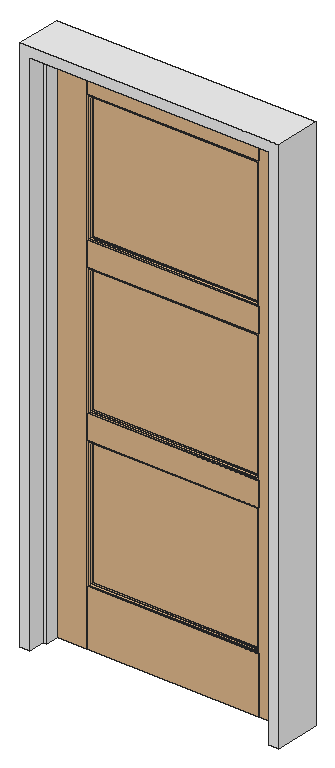
Revit family
Parameters (values of type "1 3/4" Flat Panel")
  URL = "http://www.karonadoor.com"
  Thickness Note = "Do not edit thickness."  # constant formula
  Thickness = 1.774"
  Swing Angle 2D = 90.00°
  SmartBIM Object Version = 1  # constant formula
  SmartBIM Object Created By = "Reed Construction Data"  # constant formula
  Rough Width = 0.000"
  Rough Height = 1.750"
  Panel = Panel_K5300_Karona : 1 3/4" - Flat Panel
  Model = "K5300 Ogee"  # constant formula
  Manufacturer = "Karona , Inc."  # constant formula
  Detail Door Thickness = 1.750"
  Assembly Code = ""
  Top Rail Height = 5.000"
  Top Rail = Wood, Cherry - Grain Horizontal
  Stile Width = 5.063"
  Stile = Wood, Cherry - Grain Vertical
  Sticking = Wood, Cherry - Grain Vertical
  Middle Rail = Wood, Cherry - Grain Horizontal
  Height = 80.000"
  Wall Closure = (empty or 0)
  Width = 36.000"
  Frame = Metal
  Bottom Rail Height = 8.500"
  Bottom Rail = Wood, Cherry - Grain Horizontal
  95 CSI = "08210"  # constant formula
  04 CSI = "08 14 33"  # constant formula
Types (9): name | Thickness | Rough Height | Panel | Detail Door Thickness
  1 3/4" Flat Panel | 1.774" | 1.750" | Panel_K5300_Karona : 1 3/4" - Flat Panel | 1.750"
  1 3/8" Flat Panel | 1.334" | 0.000" | Panel_K5300_Karona : 1 3/8" - Flat Panel | 1.375"
  2 1/4" Flat Panel | 2.250" | 0.000" | Panel_K5300_Karona : 2 1/4" - Flat Panel | 2.250"
  1 3/4" Glass Panel | 1.774" | 1.750" | Panel_K5300_Karona : 1 3/4" - Glass Panel | 1.750"
  1 3/8" Glass Panel | 1.334" | 0.000" | Panel_K5300_Karona : 1 3/8" - Glass Panel | 1.375"
  2 1/4" Glass Panel | 2.250" | 0.000" | Panel_K5300_Karona : 2 1/4" - Glass Panel | 2.250"
  1 3/4" Raised Panel | 1.774" | 1.750" | Panel_K5300_Karona : 1 3/4" - Raised Panel | 1.750"
  1 3/8" Raised Panel | 1.334" | 0.000" | Panel_K5300_Karona : 1 3/8" - Raised Panel | 1.375"
  2 1/4" Raised Panel | 2.250" | 0.000" | Panel_K5300_Karona : 2 1/4" - Raised Panel | 2.250"
Reference planes (in)
  plane 1 "Center (Front/Back)": y = 0
  plane 2 "Center (Left/Right)": x = 0
  plane 3 "Left": x = -18
  plane 4 "Right": x = 18
  plane 5 "Top": z = 80
  plane 6 "Exterior Edge of Frame": y = 3.5
  plane 7 "Interior Edge of Frame": y = -3.5
  plane 8: y = 1
  plane 9: y = -1
  plane 10 "Opening Left": x = -19.5
  plane 11 "Opening Right": x = 19.5
  plane 12 "Top of Opening": z = 81.5
  plane 13: x = -17.5
Forms (in)
  Sweep 1, solid, material "Metal" <- "Frame"
    path origin (0, 0, 0) x (1, 0, 0) y (0, 0, 1)
      loop
        line (-19.5, 0) -> (-19.5, 81.5) -> (19.5, 81.5) -> (19.5, 0)
    profile origin (-19.5, 0, 40.75) x (-1, 0, 0) y (0, -1, 0)
      loop
        line (0, -3.5) -> (0, 3.5) -> (-1.5, 3.5) -> (-1.5, 1) -> (-2, 1) -> (-2, -1) -> (-1.5, -1) -> (-1.5, -3.5) -> (0, -3.5)
Lines and regions (in)
  Opening 1
    outline origin (-90, -3, 0) x (1, 0, 0) y (0, 0, 1)
      loop
        line (70.5, 0) -> (109.5, 0) -> (109.5, 81.5) -> (70.5, 81.5) -> (70.5, 0)
  symbolic lines, style "Elevation Swing"
    curve 1: line (18, 3, 0) -> (-18, 3, 40)
    curve 2: line (-18, 3, 40) -> (18, 3, 80)
Text (in)
  text "Exterior" at (-46.13199, 20.20143, 0), in view "Ref. Level"
  text "Interior" at (-46.13199, -10.56751, 0), in view "Ref. Level"
  text "Exterior" at (0, 40.15149, 123.01588), in view "Right"
  text "Interior" at (0, -64.39139, 123.01588), in view "Right"
  text "Interior" at (0, -31.01599, 123.00693), in view "Left"
  text "Exterior" at (0, 54.57065, 123.00693), in view "Left"
Dimensions and locks (in)
  "Height": level to plane 5 "Top"
  "Width": plane 3 "Left" to plane 4 "Right"
  equal spacing: host wall, curve 2, plane 5 "Top"
  locked: host wall to plane 7 "Interior Edge of Frame" at 0.5
  locked: plane 6 "Exterior Edge of Frame" to host wall at 0.5
  locked: plane 9 to plane 7 "Interior Edge of Frame" at 2.5
  locked: plane 6 "Exterior Edge of Frame" to plane 8 at 2.5
  equal spacing: plane 3 "Left", plane 2 "Center (Left/Right)", plane 4 "Right"
  locked: plane 4 "Right" to plane 11 "Opening Right" at 1.5
  locked: plane 5 "Top" to plane 12 "Top of Opening" at 1.5
  locked: plane 3 "Left" to plane 13 at 0.5
  locked: plane 10 "Opening Left" to plane 3 "Left" at 1.5
  aligned and locked: Opening 1 sketch curve to level
  aligned and locked: plane 4 "Right" to curve 1
  aligned and locked: plane 3 "Left" to curve 1
  aligned and locked: plane 5 "Top" to curve 2
  aligned and locked: Opening 1 sketch curve to plane 11 "Opening Right"
  aligned and locked: plane 12 "Top of Opening" to Opening 1 sketch curve
  aligned and locked: Opening 1 sketch curve to plane 10 "Opening Left"
  aligned and locked: plane 10 "Opening Left" to Sweep 1 sketch curve
  aligned and locked: plane 12 "Top of Opening" to Sweep 1 sketch curve
  aligned and locked: plane 11 "Opening Right" to Sweep 1 sketch curve
  aligned and locked: level to Sweep 1 sketch curve  (x2)
  aligned and locked: Sweep 1 sketch curve to plane 10 "Opening Left"
  aligned and locked: Sweep 1 sketch curve to plane 6 "Exterior Edge of Frame"
  aligned and locked: Sweep 1 sketch curve to plane 7 "Interior Edge of Frame"
  aligned and locked: Sweep 1 sketch curve to plane 8
  aligned and locked: Sweep 1 sketch curve to plane 9
  aligned and locked: plane 13 to Sweep 1 sketch curve
  aligned and locked: plane 3 "Left" to Sweep 1 sketch curve  (x2)
  aligned and locked: nested 1 to plane 2 "Center (Left/Right)"
  aligned and locked: nested 1 to plane 8
  aligned and locked: nested 2 to plane 3 "Left"
  aligned and locked: nested 2 to plane 8
Automatic sketch dimensions
  curve 1 to level = 0.000"
  curve 2 to plane 4 "Right" = 0.000"
Nested families (in)
  nested 1: "Panel_K5300_Karona" at (-13.5, 0.6575, 0) x (-1, 0, 0) z (0, 0, 1), type <- "Panel", type "1 3/4" - Flat Panel"
    with Stile Width 5.063", Panel Width 25.874"
  nested 2: "Door Panel Plan View" at (-31.5, 1, 0) x (-1, 0, 0) z (0, 0, 1), type "Door Panel Plan View"
    with Thickness 1.750", Height 80.000"
Definition of nested family "Panel_K5300_Karona"
  Parameters (values of type "1 3/4" - Raised Panel")
    Width = 36.000"
    Top Rail Material = Wood, Cherry - Grain Horizontal
    Top Rail Height = 10.000"
    Top Panel Offset = 16.542"
    Thickness Note = "Do not change door thickness"  # constant formula
    Thickness = 1.774"
    Stile Width = 8.000"
    Stile Material = Wood, Cherry - Grain Vertical
    Sticking Material = Wood, Cherry - Grain Vertical
    Panel Width = Width - (2 * Stile Width)  # 20.000"
    Panel Height = (Height - (Bottom Rail Height + Top Rail Height) - (2 * 3.625")) / 3  # 17.58333"
    Panel = Glass-Sticking-Assembly-Ogee_Karona : Raised Panel
    Mullion Width = 3.625"  # constant formula
    Interior Panel = Wood, Cherry - Grain Vertical
    Height = 80.000"
    Exterior Edge - Glass Bottom Offset = if(Thickness = 1.774", 0.567", if(Thickness = 2.250", 0.803", 0.469"))  # 0.567"
    Door Panel Material = Wood, Cherry - Grain Vertical
    Default Elevation = 0.000"  # constant formula
    Bottom Rail Material = Wood, Cherry - Grain Horizontal
    Bottom Rail Height = 10.000"
    Assembly Code = ""
  Types (9): name | Top Rail Height | Top Panel Offset | Thickness | Stile Width | Panel Width | Panel Height | Panel | Interior Panel | Exterior Edge - Glass Bottom Offset | Bottom Rail Height
    2 1/4" - Flat Panel | 5.000" | 14.875" | 2.250" | 5.250" | 25.500" | 19.750" | Glass-Sticking-Assembly-Ogee_Karona : Flat Panel | Wood, Cherry - Grain Vertical | 0.803" | 8.500"
    2 1/4" - Glass Panel | 5.000" | 14.875" | 2.250" | 5.250" | 25.500" | 19.750" | Glass-Sticking-Assembly-Ogee_Karona : Glass Panel | Glass | 0.803" | 8.500"
    2 1/4" - Raised Panel | 5.000" | 14.875" | 2.250" | 5.250" | 25.500" | 19.750" | Glass-Sticking-Assembly-Ogee_Karona : Raised Panel | Wood, Cherry - Grain Vertical | 0.803" | 8.500"
    1 3/4" - Raised Panel | 10.000" | 16.542" | 1.774" | 8.000" | 20.000" | 17.58333" | Glass-Sticking-Assembly-Ogee_Karona : Raised Panel | Wood, Cherry - Grain Vertical | 0.567" | 10.000"
    1 3/4" - Flat Panel | 5.000" | 14.875" | 1.774" | 5.250" | 25.500" | 19.750" | Glass-Sticking-Assembly-Ogee_Karona : Flat Panel | Wood, Cherry - Grain Vertical | 0.567" | 8.500"
    1 3/4" - Glass Panel | 5.000" | 14.875" | 1.774" | 5.250" | 25.500" | 19.750" | Glass-Sticking-Assembly-Ogee_Karona : Glass Panel | Glass | 0.567" | 8.500"
    1 3/8" - Raised Panel | 5.000" | 14.875" | 1.334" | 5.250" | 25.500" | 19.750" | Glass-Sticking-Assembly-Ogee_Karona : Raised Panel | Wood, Cherry - Grain Vertical | 0.469" | 8.500"
    1 3/8" - Glass Panel | 5.000" | 14.875" | 1.334" | 5.250" | 25.500" | 19.750" | Glass-Sticking-Assembly-Ogee_Karona : Glass Panel | Glass | 0.469" | 8.500"
    1 3/8" - Flat Panel | 5.000" | 14.875" | 1.334" | 5.250" | 25.500" | 19.750" | Glass-Sticking-Assembly-Ogee_Karona : Flat Panel | Wood, Cherry - Grain Horizontal | 0.469" | 8.500"
  Reference planes (in)
    plane 1 "Center (Front/Back)": y = 1.2295
    plane 2: z = 0
    plane 3 "Center (Left/Right)": x = -13.5
    plane 4 "Left": x = -31.5
    plane 5: x = 4.5
    plane 6 "Inner Left": x = -23.5
    plane 7 "Inner Right": x = -3.5
    plane 8 "Bottom Of Top Rail": z = 70
    plane 9 "Top": z = 80
    plane 10 "Interior Edge of Door": y = 2.1165
    plane 11: z = 70
    plane 12 "Exterior Edge of Door": y = 0.3425
    plane 13 "Bottom of Glass": y = 0.9095
    plane 14 "Left Panel Vertical Midline": x = -13.5
    plane 15: z = 52.41667
    plane 16: z = 48.79167
    plane 17: z = 31.20833
    plane 18: z = 27.58333
    plane 19: z = 10
    plane 20: z = 40
    plane 21: z = 61.20833
    plane 22: z = 18.79167
  Forms (in)
    Extrusion 1, solid, material "Wood, Cherry - Grain Horizontal" <- "Bottom Rail Material"
      sketch origin (0, -101.3125, 0) x (1, 0, 0) y (0, 0, 1)
        loop
          line (-23.5, 0) -> (-3.5, 0) -> (-3.5, 10) -> (-23.5, 10) -> (-23.5, 0)
      from -103.429 to -101.655
    Extrusion 2, solid, material "Wood, Cherry - Grain Vertical" <- "Stile Material"
      sketch origin (0, 1.2295, 0) x (1, 0, 0) y (0, 0, 1)
        loop
          line (-31.5, 80) -> (-31.5, 0) -> (-23.5, 0) -> (-23.5, 80) -> (-31.5, 80)
        loop
          line (-3.5, 0) -> (4.5, 0) -> (4.5, 80) -> (-3.5, 80) -> (-3.5, 0)
      from -0.887 to 0.887
    Extrusion 3, solid, material "Wood, Cherry - Grain Horizontal" <- "Top Rail Material"
      sketch origin (0, 1.2295, 0) x (1, 0, 0) y (0, 0, 1)
        loop
          line (-23.5, 80) -> (-23.5, 70) -> (-3.5, 70) -> (-3.5, 80) -> (-23.5, 80)
      from -0.887 to 0.887
    Extrusion 4, solid, material "Wood, Cherry - Grain Horizontal" <- "Bottom Rail Material"
      sketch origin (0, 1.2295, 0) x (1, 0, 0) y (0, 0, 1)
        loop
          line (-23.5, 52.41667) -> (-23.5, 48.79167) -> (-3.5, 48.79167) -> (-3.5, 52.41667) -> (-23.5, 52.41667)
        loop
          line (-23.5, 31.20833) -> (-23.5, 27.58333) -> (-3.5, 27.58333) -> (-3.5, 31.20833) -> (-23.5, 31.20833)
      from -0.887 to 0.887
  Text (in)
    text "EXTERIOR" at (-34.59289, -1.27941, 0), in view "Ref. Level"
    text "EXTERIOR" at (0, -9.65287, 72.76687), in view "Left"
    text "EXTERIOR" at (0, -33.33473, 96.68074), in view "Right"
  Dimensions and locks (in)
    equal spacing: plane 4 "Left", plane 3 "Center (Left/Right)", plane 5
    "Width": plane 4 "Left" to plane 5
    "Stile Width": plane 4 "Left" to plane 6 "Inner Left"
    "Stile Width": plane 5 to plane 7 "Inner Right"
    "Top Rail Height": plane 9 "Top" to plane 8 "Bottom Of Top Rail"
    "Height": plane 9 "Top" to plane 2
    equal spacing: plane 10 "Interior Edge of Door", plane 1 "Center (Front/Back)", plane 12 "Exterior Edge of Door"
    "Thickness": plane 10 "Interior Edge of Door" to plane 12 "Exterior Edge of Door"
    "Exterior Edge - Glass Bottom Offset": plane 13 "Bottom of Glass" to plane 12 "Exterior Edge of Door"
    "Exterior Edge - Glass Bottom Offset": plane 12 "Exterior Edge of Door" to plane 13 "Bottom of Glass"
    "Mullion Width": plane 15 to plane 16
    "Mullion Width": plane 17 to plane 18
    "Bottom Rail Height": plane 19 to level
    "Panel Height": plane 11 to plane 15
    equal spacing: plane 11, plane 21, plane 15
    equal spacing: plane 16, plane 20, plane 17
    equal spacing: plane 18, plane 22, plane 19
    "Panel Height": plane 18 to plane 19
    aligned and locked: Extrusion 1 to plane 2
    aligned and locked: plane 10 "Interior Edge of Door" to Extrusion 1
    aligned and locked: plane 4 "Left" to Extrusion 2 sketch curve
    aligned and locked: Extrusion 2 sketch curve to plane 9 "Top"
    aligned and locked: Extrusion 2 sketch curve to Extrusion 1  (x3)
    aligned and locked: Extrusion 1 to Extrusion 2 sketch curve
    aligned and locked: plane 9 "Top" to Extrusion 2 sketch curve
    aligned and locked: plane 5 to Extrusion 2 sketch curve
    aligned and locked: plane 10 "Interior Edge of Door" to Extrusion 2
    aligned and locked: Extrusion 2 to Extrusion 3 sketch curve
    aligned and locked: Extrusion 3 sketch curve to Extrusion 2
    aligned and locked: plane 10 "Interior Edge of Door" to Extrusion 3
    aligned and locked: plane 11 to plane 8 "Bottom Of Top Rail"
    aligned and locked: level to plane 2
    aligned and locked: Extrusion 3 to plane 12 "Exterior Edge of Door"
    aligned and locked: Extrusion 3 to plane 10 "Interior Edge of Door"
    aligned and locked: Extrusion 2 to plane 12 "Exterior Edge of Door"
    aligned and locked: Extrusion 3 to plane 11
    aligned and locked: Extrusion 1 to Extrusion 2
    aligned and locked: nested 1 to plane 1 "Center (Front/Back)"
    aligned and locked: nested 1 to plane 14 "Left Panel Vertical Midline"
    aligned and locked: plane 14 "Left Panel Vertical Midline" to nested 2
    aligned and locked: plane 14 "Left Panel Vertical Midline" to nested 3
    aligned and locked: Extrusion 4 sketch curve to plane 15
    aligned and locked: Extrusion 4 sketch curve to plane 16
    aligned and locked: Extrusion 4 sketch curve to plane 6 "Inner Left"
    aligned and locked: Extrusion 4 sketch curve to plane 7 "Inner Right"  (x2)
    aligned and locked: plane 10 "Interior Edge of Door" to Extrusion 4
    aligned and locked: Extrusion 4 to plane 12 "Exterior Edge of Door"
    aligned and locked: plane 21 to nested 2
    aligned and locked: plane 20 to nested 3
    aligned and locked: Extrusion 4 sketch curve to plane 17
    aligned and locked: plane 18 to Extrusion 4 sketch curve
    aligned and locked: plane 6 "Inner Left" to Extrusion 4 sketch curve
    aligned and locked: plane 22 to nested 1
    aligned and locked: plane 19 to Extrusion 1
  Automatic sketch dimensions
    Extrusion 1 sketch curve to plane 6 "Inner Left" = 0.000"
    Extrusion 1 sketch curve to plane 7 "Inner Right" = 0.000"
    Extrusion 1 sketch curve to level = 0.000"
    Extrusion 3 sketch curve to plane 7 "Inner Right" = 0.000"
    plane 8 "Bottom Of Top Rail" to Extrusion 3 sketch curve = 0.000"
    level to Extrusion 1 sketch curve = 10.000"
  Nested families (in)
    nested 1: "Glass-Sticking-Assembly-Ogee_Karona" at (-13.96875, 1.38, 10), Width <- "Panel Width", Height <- "Panel Height", type <- "Panel", type "Raised Panel"
      with Width 20.000", Height 17.58333", Door Thickness 1.774", C 0.131", B 0.567", A 0.128"
    nested 2: "Glass-Sticking-Assembly-Ogee_Karona" at (-13.96875, 1.382, 52.41667), Width <- "Panel Width", Height <- "Panel Height", type <- "Panel", type "Raised Panel"
      with Width 20.000", Height 17.58333", Door Thickness 1.774", C 0.131", B 0.567", A 0.128"
    nested 3: "Glass-Sticking-Assembly-Ogee_Karona" at (-13.96875, 1.3804, 31.20833), Width <- "Panel Width", Height <- "Panel Height", type <- "Panel", type "Raised Panel"
      with Width 20.000", Height 17.58333", Door Thickness 1.774", C 0.131", B 0.567", A 0.128"
  Definition of nested family "Glass-Sticking-Assembly-Ogee_Karona"
    Parameters (values of type "Glass Panel")
      Width [instance] = 5.000"
      Vertical Profile Offset = if(Glass Panel, 0.490", 0.100")  # 0.490"
      Stop Adjustment = if(and(not(Glass Panel), Door Thickness = 1.774"), 0.513", if(and(not(Glass Panel), Door Thickness = 2.250"), 0.513", if((Glass Panel), 0.125", 0.273")))  # 0.125"
      Profile = Wood, Cherry - Grain Vertical
      Height [instance] = 23.000"
      Raised Panel = no
      Interior Panel = Glass
      Glass Panel = yes
      Door Thickness = 1.334"
      C = if(Door Thickness = 1.774", 0.131", if(Door Thickness = 2.250", 0.370", 0.093"))  # 0.093"
      B = if(Door Thickness = 1.774", 0.567", if(Door Thickness = 2.250", 0.803", 0.469"))  # 0.469"
      Assembly Code = ""
      A = if(Door Thickness = 1.774", 0.128", if(Door Thickness = 2.250", 0.364", 0.095"))  # 0.095"
    Types (3): name | Width | Vertical Profile Offset | Stop Adjustment | Raised Panel | Interior Panel | Glass Panel | Door Thickness | C | B | A
      Glass Panel | 5.000" | 0.490" | 0.125" | no | Glass | yes | 1.334" | 0.093" | 0.469" | 0.095"
      Flat Panel | 4.500" | 0.100" | 0.513" | no | Wood, Cherry - Grain Vertical | no | 2.250" | 0.370" | 0.803" | 0.364"
      Raised Panel | 4.000" | 0.100" | 0.513" | yes | Wood, Cherry - Grain Vertical | no | 2.250" | 0.370" | 0.803" | 0.364"
    Reference planes (in)
      plane 1 "Stop Adjustment Edge": y = -0.3455
      plane 2: z = 0
      plane 3 "Center (Left/Right)": x = 0.46875
      plane 4 "Back": y = 0.3945
      plane 5 "Front": y = -0.9395
      plane 6 "Left": x = -2.03125
      plane 7 "Right": x = 2.96875
      plane 8 "Top": z = 23
      plane 9 "Center (Up/Down)": z = 11.5
      plane 10 "Bottom of Stop": y = -0.2205
      plane 11 "Bottom of Glass": y = -0.4705
      plane 12 "Right Edge of Glass": x = 2.91875
      plane 13 "Left Edge of Glass": x = -1.98125
      plane 14 "Top Edge of Glass": z = 22.90625
      plane 15 "Bottom Edge of Glass": z = 0.09375
      plane 16: x = 2.84375
      plane 17 "A": y = -0.8445
      plane 18 "C": y = 0.3015
      plane 19 "Bottom Cut Line": z = 0.438
      plane 20 "Top Cut Line": z = 22.562
      plane 21 "Cut Vertical Left": x = -1.59325
      plane 22 "Cut Vertical": x = 2.53075
      plane 23 "Center (Front/Back)": y = -0.2725
    Forms (in)
      Sweep 1, solid, material "Wood, Cherry - Grain Vertical" <- "Profile"
        path origin (0, -0.3455, 0) x (1, 0, 0) y (0, 0, 1)
          loop
            line (2.96875, 23) -> (-2.03125, 23) -> (-2.03125, 0) -> (2.96875, 0) -> (2.96875, 23)
        profile origin (2.96875, -0.3455, 11.5) x (0, -1, 0) y (1, 0, 0)
          loop
            line (-0.647, 0) -> (-0.647, -0.438) -> (-0.125, -0.438) -> (-0.125, -0.05) -> (0.125, -0.05) -> (0.125, -0.438) -> (0.499, -0.438) -> (0.499, 0) -> (-0.647, 0)
      Extrusion 2, solid, material "Glass" <- "Interior Panel"
        sketch origin (0, 0, 0) x (1, 0, 0) y (0, 1, 0)
          loop
            line (-1.98125, -0.2205) -> (-1.98125, -0.4705) -> (2.91875, -0.4705) -> (2.91875, -0.2205) -> (-1.98125, -0.2205)
        from 0.09375 to 22.90625
      Extrusion 3, solid, material "Wood, Cherry - Grain Vertical" <- "Profile", visible <- "Raised Panel"
        sketch origin (0, 0, 0) x (1, 0, 0) y (0, 1, 0)
          loop
            line (2.53075, 0.3015) -> (-1.59325, 0.3015) -> (-1.59325, -0.2205) -> (2.53075, -0.2205) -> (2.53075, 0.3015)
          loop
            line (-1.59325, -0.4705) -> (-1.59325, -0.8445) -> (2.53075, -0.8445) -> (2.53075, -0.4705) -> (-1.59325, -0.4705)
        from 0.438 to 22.562
      Sweep 4, void
        path origin (0, -0.2205, 0) x (-1, 0, 0) y (0, 0, 1)
          loop
            line (2.03125, 0) -> (2.03125, 23) -> (-2.96875, 23) -> (-2.96875, 0) -> (2.03125, 0)
        profile "Profile : 05" origin (-2.03125, -0.2205, 11.5) x (1, 0, 0) y (0, 1, 0)
          loop
            line (0, 0.49) -> (0.36169, 0.49096)
            arc (0.36169, 0.49096) -> (1.01257, 0.57642) -> (1.61934, 0.827) r 2.52143
            line (1.61934, 0.827) -> (0, 0.827) -> (0, 0.49)
      Sweep 5, void
        path origin (0, -0.4705, 0) x (-1, 0, 0) y (0, 0, 1)
          loop
            line (-2.96875, 23) -> (-2.96875, 0) -> (2.03125, 0) -> (2.03125, 23) -> (-2.96875, 23)
        profile "Profile : 05" origin (2.96875, -0.4705, 11.5) x (-1, 0, 0) y (0, 1, 0)
          loop
            line (0, -0.102) -> (0, -0.439) -> (1.61934, -0.439)
            arc (1.61934, -0.439) -> (1.01257, -0.18842) -> (0.36169, -0.10296) r 2.52143
            line (0.36169, -0.10296) -> (0, -0.102)
      Sweep 6, void
        path origin (0, 0.3015, 0) x (1, 0, 0) y (0, 0, 1)
          loop
            line (-1.59325, 0.438) -> (2.53075, 0.438) -> (2.53075, 22.562) -> (-1.59325, 22.562) -> (-1.59325, 0.438)
        profile "QuarterCircleCut : QuarterCircleCut" origin (2.53075, 0.3015, 11.5) x (-1, 0, 0) y (0, -1, 0)
          loop
            arc (0.3196, 0) -> (0.182, 0.057) -> (0.125, 0.1946) r 0.1946
            line (0.125, 0.1946) -> (0.125, 0.27745) -> (0, 0.27745) -> (0, 0) -> (0.3196, 0)
      Sweep 7, void
        path origin (0, -0.8445, 0) x (1, 0, 0) y (0, 0, 1)
          loop
            line (-1.59325, 0.438) -> (2.53075, 0.438) -> (2.53075, 22.562) -> (-1.59325, 22.562) -> (-1.59325, 0.438)
        profile "QuarterCircleCut : QuarterCircleCut" origin (2.53075, -0.8445, 11.5) x (-1, 0, 0) y (0, -1, 0)
          loop
            line (0.3196, 0) -> (0, 0) -> (0, -0.27745) -> (0.125, -0.27745) -> (0.125, -0.1946)
            arc (0.125, -0.1946) -> (0.182, -0.057) -> (0.3196, 0) r 0.1946
    Cuts and joins
      Sweep 4, Sweep 5, Sweep 7 cuts Extrusion 3
      Sweep 6, Sweep 7 cuts Sweep 1
    Text (in)
      text "INTERIOR" at (-14.3788, 3.49864, 0), in view "Ref. Level"
    Dimensions and locks (in)
      equal spacing: plane 6 "Left", plane 3 "Center (Left/Right)", plane 7 "Right"
      "Width": plane 6 "Left" to plane 7 "Right"
      "Door Thickness": plane 4 "Back" to plane 5 "Front"
      "Height": plane 8 "Top" to plane 2
      equal spacing: plane 8 "Top", plane 9 "Center (Up/Down)", level
      locked: plane 1 "Stop Adjustment Edge" to plane 11 "Bottom of Glass" at 0.125
      "Stop Adjustment": plane 10 "Bottom of Stop" to plane 1 "Stop Adjustment Edge"
      locked: plane 12 "Right Edge of Glass" to plane 7 "Right" at 0.05
      locked: plane 8 "Top" to plane 14 "Top Edge of Glass" at 0.09375
      locked: plane 15 "Bottom Edge of Glass" to level at 0.09375
      locked: plane 6 "Left" to plane 13 "Left Edge of Glass" at 0.05
      "B": plane 5 "Front" to plane 11 "Bottom of Glass"
      locked: plane 16 to plane 7 "Right" at 0.125
      "A": plane 5 "Front" to plane 17 "A"
      "C": plane 18 "C" to plane 4 "Back"
      plane 4 "Back" to Sweep 1 = 0.615"
      locked: plane 19 "Bottom Cut Line" to level at 0.438
      locked: plane 8 "Top" to plane 20 "Top Cut Line" at 0.438
      locked: plane 6 "Left" to plane 21 "Cut Vertical Left" at 0.438
      locked: plane 22 "Cut Vertical" to plane 7 "Right" at 0.438
      equal spacing: plane 4 "Back", plane 23 "Center (Front/Back)", plane 5 "Front"
      aligned and locked: Sweep 1 sketch curve to plane 7 "Right"
      aligned and locked: Sweep 1 sketch curve to plane 8 "Top"
      aligned and locked: Sweep 1 sketch curve to plane 6 "Left"
      aligned and locked: Sweep 1 sketch curve to level
      aligned and locked: plane 10 "Bottom of Stop" to Sweep 1 sketch curve
      aligned and locked: plane 11 "Bottom of Glass" to Sweep 1 sketch curve
      aligned and locked: Extrusion 2 sketch curve to plane 13 "Left Edge of Glass"
      aligned and locked: Extrusion 2 sketch curve to plane 10 "Bottom of Stop"
      aligned and locked: Extrusion 2 sketch curve to plane 11 "Bottom of Glass"
      aligned and locked: Extrusion 2 sketch curve to plane 12 "Right Edge of Glass"
      aligned and locked: plane 14 "Top Edge of Glass" to Extrusion 2
      aligned and locked: Extrusion 2 to plane 15 "Bottom Edge of Glass"
      aligned and locked: Extrusion 3 sketch curve to plane 18 "C"
      aligned and locked: Extrusion 3 sketch curve to plane 10 "Bottom of Stop"
      aligned and locked: Extrusion 3 sketch curve to plane 11 "Bottom of Glass"
      aligned and locked: Extrusion 3 sketch curve to plane 17 "A"
      aligned and locked: Extrusion 3 to plane 19 "Bottom Cut Line"
      aligned and locked: Extrusion 3 to plane 20 "Top Cut Line"
      aligned and locked: plane 12 "Right Edge of Glass" to Sweep 1 sketch curve
      aligned and locked: plane 22 "Cut Vertical" to Extrusion 3 sketch curve  (x2)
      aligned and locked: Extrusion 3 sketch curve to plane 21 "Cut Vertical Left"  (x2)
      aligned and locked: plane 22 "Cut Vertical" to Sweep 1 sketch curve
      aligned and locked: Sweep 5 sketch curve to plane 6 "Left"
      aligned and locked: plane 8 "Top" to Sweep 5 sketch curve
      aligned and locked: Sweep 5 sketch curve to plane 7 "Right"
      aligned and locked: level to Sweep 5 sketch curve
      aligned and locked: Sweep 4 sketch curve to plane 7 "Right"
      aligned and locked: plane 8 "Top" to Sweep 4 sketch curve
      aligned and locked: Sweep 4 sketch curve to plane 6 "Left"
      aligned and locked: level to Sweep 4 sketch curve
      aligned and locked: plane 18 "C" to Sweep 1 sketch curve
      aligned and locked: Sweep 6 sketch curve to plane 21 "Cut Vertical Left"
      aligned and locked: plane 22 "Cut Vertical" to Sweep 6 sketch curve
      aligned and locked: Sweep 6 sketch curve to plane 19 "Bottom Cut Line"
      aligned and locked: plane 20 "Top Cut Line" to Sweep 6 sketch curve
      aligned and locked: Sweep 1 sketch curve to plane 22 "Cut Vertical"
      aligned and locked: plane 17 "A" to Sweep 1 sketch curve
      aligned and locked: Sweep 7 sketch curve to plane 21 "Cut Vertical Left"
      aligned and locked: plane 20 "Top Cut Line" to Sweep 7 sketch curve
      aligned and locked: plane 22 "Cut Vertical" to Sweep 7 sketch curve
      aligned and locked: Sweep 7 sketch curve to plane 19 "Bottom Cut Line"
    Automatic sketch dimensions
      Sweep 1 sketch curve to profile plane = 0.000"
Definition of nested family "Door Panel Plan View"
  Parameters (values of type "Door Panel Plan View")
    Width = 36.000"
    Thickness = 2.000"
    Swing Angle 2D = 90.00°
    Height = 0.000"
    Assembly Code = ""
  Reference planes (in)
    plane 1 "Center (Front/Back)": y = 0
    plane 2: z = 0
    plane 3 "Center (Left/Right)": x = -13.5
  Lines and regions (in)
    symbolic lines, style "DoorsPanelProjection"
      curve 1: line (-13.5, 0, 0) -> (-13.5, 36, 0)
      curve 2: line (-15.5, 0, 0) -> (-15.5, 36, 0)
      curve 3: line (-13.5, 0, 0) -> (-15.5, 0, 0)
      curve 4: line (-13.5, 36, 0) -> (-15.5, 36, 0)
    symbolic lines, style "Plan Swing"
      curve 5: arc (-13.5, 36, 0) -> (-38.95584, 25.45584, 0) -> (-49.5, 0, 0) r 36
  Dimensions and locks (in)
    "Width": curve 4 to curve 3
    "Thickness": curve 1 to curve 2
    "Swing Angle 2D": angle curve 1 to plane 1 "Center (Front/Back)"
    aligned and locked: plane 1 "Center (Front/Back)" to curve 5
  Automatic sketch dimensions
    curve 3 to plane 1 "Center (Front/Back)" = 0.000"
    curve 5 to plane 3 "Center (Left/Right)" = 0.000"
    curve 3 to plane 3 "Center (Left/Right)" = 0.000"
